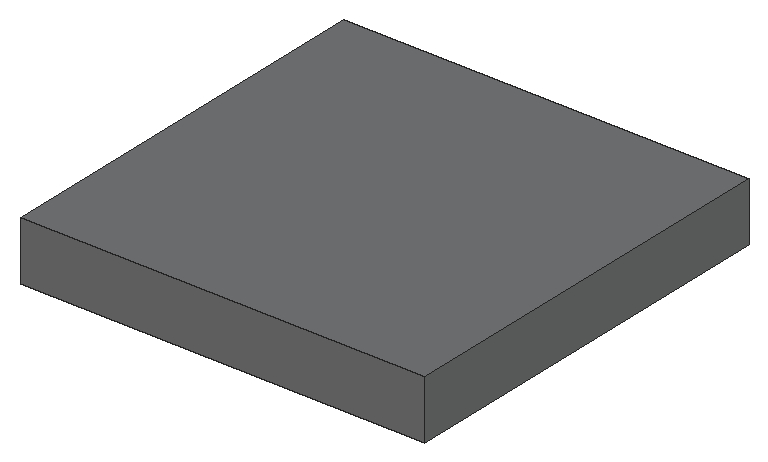
Revit family "Gira_536626", category Electrical Fixtures, host Face, Revit 2017
Family settings
  Host = Face
  Maintain Annotation Orientation = No
  Round Connector Dimension = Use Diameter
  Part Type = Normal
  Cut with Voids When Loaded = No
  Shared = No
  Room Calculation Point = No
Parameters (values of type "S3000 blind timer + timer Display System 55 c.alum.")
  With LED indication = "Yes"
  URL = "http://katalog.gira.de/en/datenblatt.html?artikelnr=536626"
  Transparent = "No"
  Suitable for application with venetian shutter switch = "Yes"
  Suitable for application with switch = "No"
  Suitable for application with dimmer = "No"
  Number of actuation points = "4"
  Name = "S3000 blind timer + timer Display System 55 c.alum."
  Manufacturer URL = "https://www.gira.de/"
  Manufacturer = "Gira"
  Keynote = ""
  HeinzeBIM = "https://bimportal.heinze.de/bim/s3000-blind-timer-timer-display-system-55-c-alum-/422f944bcbf9bed39023c97539b181441ca998c8"
  HAN = "536626"
  GTIN = "4010337027454"
  Description = "S3000 blind tim. tim.Displ. Sys55 CAl,System 3000 blind timer and timer Display,,colour aluminium,Features:,- Operation via capacitive sensor surface.,- Fast programming for adopting the current time as the programmed movement time switching time.,- Automatic summer winter time switchover, deactivatable.,- Switching at sunrise or sunset (astro function) adjustable for 18 countries.,- Astro time for sunrise and sunset can be individually adjusted by +-2 hours.,- The blocking function blocks operation of the auxiliary unit and deactivates automatic mode.,- The display turns off after 2 minutes, permanent display of time is possible.,- Programming of one raising and one lowering time or two switch-on and switch-off times for each day in week segments Mon-Fri and Sat+Sun."
  Default Elevation = 1219.2 mm
  Data sheet (1) = "https://katalog.gira.de/en/download.html?artikelnr=536626"
  Category = "Intelligent control element"
  BIM (1) = "https://media.stage.bim.site/public/gira/36a6b08/Sys55_Abdeckung_Schalten und Tasten.rfa?public/gira/36a6b08/Sys55_Abdeckung_Schalten und Tasten.rfa"
  Available = "No"
  Application = "Control of electrical users"
  Anthrazit [instance] = Anthrazit
Reference planes
  plane 1 "Center (Front/Back)": y = 0
  plane 2: z = 0
  plane 3 "Center (Left/Right)": x = 0
Forms (mm)
  Extrusion 1, solid, material "Anthrazit" <- "Anthrazit", detail levels fine
    sketch origin (0, 0, 0) x (1, 0, 0) y (0, 1, 0)
      loop
        line (-27.5, 27.5) -> (-27.5, -27.5) -> (27.5, -27.5) -> (27.5, 27.5) -> (-27.5, 27.5)
    from 0 to 8
  Extrusion 2, void
    sketch origin (0, 0, 0) x (1, 0, 0) y (0, 1, 0)
      loop
        line (26, 26) -> (-26, 26) -> (-26, -26) -> (26, -26) -> (26, 26)
    from 0 to 6
  Extrusion 3, solid, material "Anthrazit" <- "Anthrazit", detail levels medium
    sketch origin (0, 0, 0) x (1, 0, 0) y (0, 1, 0)
      loop
        line (-27.5, 27.5) -> (-27.5, -27.5) -> (27.5, -27.5) -> (27.5, 27.5) -> (-27.5, 27.5)
    from 0 to 8
  Extrusion 4, solid, material "Anthrazit" <- "Anthrazit", detail levels medium
    sketch origin (0, 0, 0) x (1, 0, 0) y (0, 1, 0)
      loop
        line (11, -17.5) -> (11, 17.5) -> (-11, 17.5) -> (-11, -17.5) -> (11, -17.5)
    from -6 to 6
  Extrusion 5, solid, material "Anthrazit" <- "Anthrazit", detail levels fine
    sketch origin (0, 0, 0) x (1, 0, 0) y (0, 1, 0)
      loop
        line (11, 17.5) -> (-11, 17.5) -> (-11, 16.5) -> (11, 16.5) -> (11, 17.5)
      loop
        line (-11, -16.5) -> (-11, -17.5) -> (11, -17.5) -> (11, -16.5) -> (-11, -16.5)
    from -4 to 6
  Extrusion 6, solid, material "Anthrazit" <- "Anthrazit", detail levels fine
    sketch origin (0, 0, 0) x (1, 0, 0) y (0, 1, 0)
      loop
        arc (5, 9.347) -> (0, 10.6) -> (-5, 9.347) r 10.6
        line (-5, 9.347) -> (-5, -9.347)
        arc (-5, -9.347) -> (0, -10.6) -> (5, -9.347) r 10.6
        line (5, -9.347) -> (5, 9.347)
    from -6 to 6
  Extrusion 7, solid, material "Anthrazit" <- "Anthrazit", detail levels coarse
    sketch origin (0, 0, 0) x (1, 0, 0) y (0, 1, 0)
      loop
        line (-27.5, 27.5) -> (-27.5, -27.5) -> (27.5, -27.5) -> (27.5, 27.5) -> (-27.5, 27.5)
    from -6 to 8
Cuts and joins
  Extrusion 2 cuts Extrusion 1
Dimensions and locks
  aligned and locked: plane 2 to host face
  aligned and locked: level to host face
